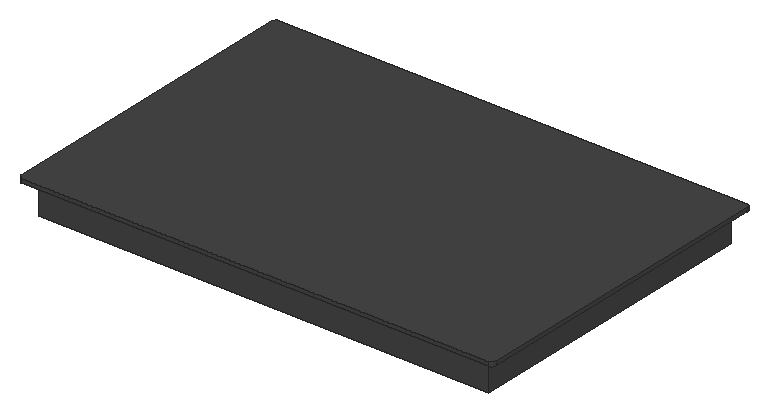
Revit family "Qf_Summit_SINC4B301B_30 inches 208-240V 4-Zone Induction Cooktop", category Specialty Equipment, Revit 2020
Family settings
  Round Connector Dimension = Use Diameter
  Part Type = Normal
  Work Plane-Based = No
  Always vertical = Yes
  Cut with Voids When Loaded = No
  Shared = No
  Room Calculation Point = No
Parameters
  Weight in Pounds = 30
  Watts = FL Amps * Volts  # 7200 W
  Volts = 240 V
  URL Cutsheet = ""
  Specification by User = ""
  Specification by Manufacturer = ""
  Show Clearance [instance] = yes
  Serial Number = ""
  Seismic Rating = ""
  SMACNA No = ""
  Revision Code = ""
  Phase = 1
  Number of Poles = 1
  NAFEM Spec ID Number = ""
  Model = "SINC4B301B"
  Min Ckt Ampacity = 0 A
  Max Overcurrent Protection = 0 A
  Masterspec = ""
  Manufacturer = "Summit"
  Length = 30 1/4"
  Item Number = ""
  Installed By = ""
  Identify Quantity as Lot = yes
  Height = 2"
  HP = ""
  Furnished By = ""
  Foodservice Equipment Identifier = yes
  FL Amps = 30 A
  Electrical Remarks = ""
  Electric Connection Type = ""
  Elec Conn RI Height = 0"
  Elec Conn Connection Height = 0"
  Description = "30\" Wide 208-240V 4-Zone Induction Cooktop"
  Depth = 20 1/2"
  Default Elevation = 0"
  Cycle = 60 Hz
  Conn Plug = ""
  Conn Conduit = yes
  CSI MasterFormat = ""
  Apparent Power = 828 VA
Reference planes (in)
  plane 1: z = 0
  plane 2 "LEFT": x = 0
  plane 3 "RIGHT": x = 30.25
  plane 4 "FRONT": y = -21.25
  plane 5 "TOP": z = 2
  plane 6 "Center Y": x = 15.125
  plane 7 "Center X": y = -11
  plane 8 "BACK": y = -0.75
  plane 9: z = 2.25
  plane 10: y = -1.3125
  plane 11: y = -20.5625
  plane 12: x = 29.625
  plane 13: x = 0.625
Forms (in)
  Extrusion 1, solid, material "QF_Metallic_Paint_Black_Glossy"
    sketch origin (0, 0, 0) x (1, 0, 0) y (0, 1, 0)
      loop
        line (0, -1) -> (0, -20.9375)
        arc (0, -20.9375) -> (0.06782, -21.13949) -> (0.25, -21.25) r 0.31002
        line (0.25, -21.25) -> (30, -21.25)
        arc (30, -21.25) -> (30.18218, -21.13949) -> (30.25, -20.9375) r 0.31002
        line (30.25, -20.9375) -> (30.25, -1)
        arc (30.25, -1) -> (30.17678, -0.82322) -> (30, -0.75) r 0.25
        line (30, -0.75) -> (0.25, -0.75)
        arc (0.25, -0.75) -> (0.07322, -0.82322) -> (0, -1) r 0.25
    from 2 to 2.25
  Extrusion 2, solid, material "QF_Metallic_Paint_Black_Glossy"
    sketch origin (0, 0, 0) x (1, 0, 0) y (0, 1, 0)
      loop
        line (0.8125, -20.5625) -> (29.4375, -20.5625) -> (29.4375, -1.3125) -> (0.8125, -1.3125) -> (0.8125, -20.5625)
    from 0 to 2
  Extrusion 3, solid, material "QF_Metallic_Paint_Black_Glossy"
    sketch origin (1.75, -19.5, 18.75) x (1, 0, 0) y (0, 0, 1)
      loop
        circle (13.375, -17.80912) r 0.25
    from -18.75 to -18.1875
Cuts and joins
  joined: Extrusion 2, Extrusion 3
Lines and regions (in)
  Split face 1
    outline origin (1.25, 0, 2.25) x (1, 0, 0) y (0, 1, 0)
      loop
        circle (6, -13.75) r 4.125
  Split face 2
    outline origin (10, 7.46819, 2.25) x (1, 0, 0) y (0, 1, 0)
      loop
        circle (13, -13.75) r 4.125
  Split face 3
    outline origin (10, -1.375, 2.25) x (1, 0, 0) y (0, 1, 0)
      loop
        circle (13, -13.375) r 3.125
  Split face 4
    outline origin (1.25, 8.125, 2.25) x (1, 0, 0) y (0, 1, 0)
      loop
        circle (6, -13.375) r 3.125
  Split face 5
    outline origin (-0.24681, -0.05918, 2.25) x (1, 0, 0) y (0, 1, 0)
      loop
        arc (1.46084, -1.96656) -> (1.33611, -1.99586) -> (1.21257, -2.02981) r 3.41796
        line (1.21257, -2.02981) -> (1.21257, -2.25177)
        arc (1.21257, -2.25177) -> (1.29303, -2.28553) -> (1.37512, -2.31512) r 1.69989
        arc (1.37512, -2.31512) -> (1.29445, -2.31552) -> (1.21378, -2.31581) r 56.83919
        arc (1.21378, -2.31581) -> (1.21298, -2.38844) -> (1.21297, -2.46107) r 6.69198
        arc (1.21297, -2.46107) -> (1.33682, -2.46166) -> (1.46067, -2.46155) r 22.00507
        arc (1.46067, -2.46155) -> (1.46144, -2.31385) -> (1.46184, -2.16615) r 57.82097
        arc (1.46184, -2.16615) -> (1.38954, -2.16643) -> (1.31724, -2.16748) r 6.80227
        line (1.31724, -2.16748) -> (1.4612, -2.10932)
        arc (1.4612, -2.10932) -> (1.46177, -2.03794) -> (1.46084, -1.96656) r 3.38174
  Split face 6
    outline origin (1.23704, 0.08205, 2.25) x (1, 0, 0) y (0, 1, 0)
      loop
        line (1.2612, -2.08344) -> (1.2612, -2.60308)
        arc (1.2612, -2.60308) -> (1.32479, -2.60343) -> (1.38839, -2.60265) r 3.58564
        arc (1.38839, -2.60265) -> (1.38862, -2.33138) -> (1.38902, -2.0601) r 439.84498
        arc (1.38902, -2.0601) -> (1.32546, -2.04384) -> (1.26173, -2.02822) r 6.58774
        arc (1.26173, -2.02822) -> (1.26137, -2.05583) -> (1.2612, -2.08344) r 4.03767
  Split face 7
    outline origin (1.77412, 0.08205, 2.25) x (1, 0, 0) y (0, 1, 0)
      loop
        arc (0.90317, -2.07334) -> (0.90314, -2.13988) -> (0.90316, -2.20643) r 115.79921
        line (0.90316, -2.20643) -> (1.02491, -2.23791) -> (1.02559, -2.603) -> (1.15226, -2.60321) -> (1.15226, -2.43703) -> (1.15226, -2.27084) -> (1.27836, -2.30322)
        arc (1.27836, -2.30322) -> (1.27831, -2.2371) -> (1.27838, -2.17098) r 35.9103
        arc (1.27838, -2.17098) -> (1.0906, -2.12283) -> (0.90317, -2.07334) r 27.07291
  Split face 8
    outline origin (1.25, 0, 2.25) x (1, 0, 0) y (0, 1, 0)
      loop
        circle (6, -5.25) r 3.07495
  Split face 9
    outline origin (10, -9.5, 2.25) x (1, 0, 0) y (0, 1, 0)
      loop
        circle (13, -5.25) r 2.88432
  Split face 10
    outline origin (-1.5, 0, 2.25) x (1, 0, 0) y (0, 1, 0)
      loop
        circle (24.5, -6.25) r 4.07036
  Split face 11
    outline origin (-10.25, -7.46819, 2.25) x (1, 0, 0) y (0, 1, 0)
      loop
        circle (17.5, -6.25) r 3.8775
  Split face 12
    outline origin (10, -9.5, 2.25) x (1, 0, 0) y (0, 1, 0)
      loop
        circle (13, -5.25) r 3.07495
  Split face 13
    outline origin (1.25, 0, 2.25) x (1, 0, 0) y (0, 1, 0)
      loop
        circle (6, -5.25) r 2.9375
  Split face 14
    outline origin (10, -9.5, 2.25) x (1, 0, 0) y (0, 1, 0)
      loop
        circle (13, -5.25) r 2.9375
  Split face 15
    outline origin (1.25, 0, 2.25) x (1, 0, 0) y (0, 1, 0)
      loop
        circle (6, -5.25) r 2.88432
  Split face 16
    outline origin (-10.25, -7.5, 2.25) x (1, 0, 0) y (0, 1, 0)
      loop
        circle (17.5, -6.25) r 4.07036
  Split face 17
    outline origin (-1.5, 0, 2.25) x (1, 0, 0) y (0, 1, 0)
      loop
        circle (24.5, -6.25) r 3.81335
  Split face 18
    outline origin (-10.25, -7.5, 2.25) x (1, 0, 0) y (0, 1, 0)
      loop
        circle (17.5, -6.25) r 3.81335
  Split face 19
    outline origin (-1.5, 0.03181, 2.25) x (1, 0, 0) y (0, 1, 0)
      loop
        circle (24.5, -6.25) r 3.8775
  Split face 20
    outline origin (5.12177, 0.99615, 2.25) x (1, 0, 0) y (0, 1, 0)
      loop
        circle (7.5, -19.75) r 0.375
  Split face 21
    outline origin (1.88001, 1.03137, 2.25) x (1, 0, 0) y (0, 1, 0)
      loop
        circle (14.5, -19.75) r 0.375
  Split face 22
    outline origin (3.75, 0, 2.25) x (1, 0, 0) y (0, 1, 0)
      loop
        circle (14.5, -19.75) r 0.375
  Split face 23
    outline origin (4.75, 0, 2.25) x (1, 0, 0) y (0, 1, 0)
      loop
        circle (14.5, -19.75) r 0.375
  Split face 24
    outline origin (5.65298, 0, 2.25) x (1, 0, 0) y (0, 1, 0)
      loop
        circle (13.59702, -19.75) r 0.21256
  Split face 25
    outline origin (4.65298, 0, 2.25) x (1, 0, 0) y (0, 1, 0)
      loop
        circle (13.59702, -19.75) r 0.34194
  Split face 26
    outline origin (17.93326, 1.24215, 2.25) x (0, 1, 0) y (-1, 0, 0)
      loop
        circle (-19.85939, 5.45621) r 0.14044
  Split face 27
    outline origin (12.16392, 0.72109, 2.25) x (0, 1, 0) y (-1, 0, 0)
      loop
        line (-20.35718, -1.46108) -> (-20.47109, -1.46108) -> (-20.47109, -4.46108) -> (-20.11953, -4.46108) -> (-20.35718, -1.46108)
  Split face 28
    outline origin (17.29383, 1.24215, 2.25) x (0, 1, 0) y (-1, 0, 0)
      loop
        circle (-19.85987, 4.81773) r 0.13153
  Split face 29
    outline origin (17.54915, 1.52122, 2.25) x (0, 1, 0) y (-1, 0, 0)
      loop
        circle (-20.27405, 4.92738) r 0.36076
  Split face 30
    outline origin (4.06852, 1.27737, 2.25) x (1, 0, 0) y (0, 1, 0)
      loop
        circle (12.45621, -19.85939) r 0.14044
  Split face 31
    outline origin (4.70795, 1.27737, 2.25) x (1, 0, 0) y (0, 1, 0)
      loop
        circle (11.81773, -19.85987) r 0.13153
  Split face 32
    outline origin (4.45263, 1.55644, 2.25) x (1, 0, 0) y (0, 1, 0)
      loop
        circle (11.92738, -20.27405) r 0.36076
  Split face 33
    outline origin (4.60819, 0.8548, 2.25) x (1, 0, 0) y (0, 1, 0)
      loop
        circle (13.64074, -20.60504) r 0.33037
  Split face 34
    outline origin (3.88715, 1.25448, 2.25) x (1, 0, 0) y (0, 1, 0)
      loop
        circle (14.36178, -21.00472) r 0.36442
  Split face 35
    outline origin (5.60819, 0.8548, 2.25) x (1, 0, 0) y (0, 1, 0)
      loop
        circle (13.64074, -20.60504) r 0.23196
  Split face 36
    outline origin (4.88715, 1.25448, 2.25) x (1, 0, 0) y (0, 1, 0)
      loop
        circle (14.36178, -21.00472) r 0.36024
  Split face 37
    outline origin (4.5, 0, 2.25) x (1, 0, 0) y (0, 1, 0)
      loop
        circle (7.5, -19.75) r 0.375
  Split face 38
    outline origin (5.40298, 0, 2.25) x (1, 0, 0) y (0, 1, 0)
      loop
        circle (6.59702, -19.75) r 0.34194
  Split face 39
    outline origin (5.35819, 0.8548, 2.25) x (1, 0, 0) y (0, 1, 0)
      loop
        circle (6.64074, -20.60504) r 0.33037
  Split face 40
    outline origin (4.63715, 1.25448, 2.25) x (1, 0, 0) y (0, 1, 0)
      loop
        circle (7.36178, -21.00472) r 0.36442
  Split face 41
    outline origin (3.5, 0, 2.25) x (1, 0, 0) y (0, 1, 0)
      loop
        circle (7.5, -19.75) r 0.375
  Split face 42
    outline origin (4.40298, 0, 2.25) x (1, 0, 0) y (0, 1, 0)
      loop
        circle (6.59702, -19.75) r 0.34194
  Split face 43
    outline origin (4.35819, 0.8548, 2.25) x (1, 0, 0) y (0, 1, 0)
      loop
        circle (6.64074, -20.60504) r 0.33037
  Split face 44
    outline origin (3.63715, 1.25448, 2.25) x (1, 0, 0) y (0, 1, 0)
      loop
        circle (7.36178, -21.00472) r 0.36442
  Split face 45
    outline origin (3.13001, 1.00012, 2.25) x (1, 0, 0) y (0, 1, 0)
      loop
        circle (14.5, -19.75) r 0.375
  Split face 46
    outline origin (5.30432, 0.95258, 2.25) x (1, 0, 0) y (0, 1, 0)
      loop
        circle (12.45621, -19.85939) r 0.14044
  Split face 47
    outline origin (5.94374, 0.95258, 2.25) x (1, 0, 0) y (0, 1, 0)
      loop
        circle (11.81773, -19.85987) r 0.13153
  Split face 48
    outline origin (5.70263, 1.52519, 2.25) x (1, 0, 0) y (0, 1, 0)
      loop
        circle (11.92738, -20.27405) r 0.36076
  Split face 49
    outline origin (-0.61999, 1.00012, 2.25) x (1, 0, 0) y (0, 1, 0)
      loop
        circle (14.5, -19.75) r 0.375
  Split face 50
    outline origin (1.27437, 0.95669, 2.25) x (1, 0, 0) y (0, 1, 0)
      loop
        circle (12.45621, -19.85939) r 0.14044
  Split face 51
    outline origin (1.91379, 0.95669, 2.25) x (1, 0, 0) y (0, 1, 0)
      loop
        circle (11.81773, -19.85987) r 0.13153
  Split face 52
    outline origin (1.95263, 1.52519, 2.25) x (1, 0, 0) y (0, 1, 0)
      loop
        circle (11.92738, -20.27405) r 0.36076
  Split face 53
    outline origin (0.09293, 0.14201, 2.25) x (1, 0, 0) y (0, 1, 0)
      loop
        arc (1.45035, -2.08743) -> (1.39004, -2.1026) -> (1.3299, -2.11842) r 5.81974
        arc (1.3299, -2.11842) -> (1.33022, -2.30502) -> (1.32981, -2.49161) r 48.29115
        arc (1.32981, -2.49161) -> (1.32823, -2.52252) -> (1.31089, -2.54816) r 0.05762
        arc (1.31089, -2.54816) -> (1.29306, -2.52079) -> (1.2934, -2.48813) r 0.05637
        arc (1.2934, -2.48813) -> (1.29083, -2.308) -> (1.29081, -2.12785) r 12.71544
        arc (1.29081, -2.12785) -> (1.23188, -2.14317) -> (1.17301, -2.15869) r 17.52104
        arc (1.17301, -2.15869) -> (1.17253, -2.41223) -> (1.17186, -2.66578) r 348.03451
        arc (1.17186, -2.66578) -> (1.30989, -2.66674) -> (1.44792, -2.66645) r 15.27091
        line (1.44792, -2.66645) -> (1.45035, -2.08743)
  Split face 54
    outline origin (0.44811, 0.23718, 2.25) x (1, 0, 0) y (0, 1, 0)
      loop
        line (1.14948, -2.17108) -> (1.14948, -2.76124) -> (1.25692, -2.76089)
        arc (1.25692, -2.76089) -> (1.25555, -2.68657) -> (1.26038, -2.61239) r 0.88988
        arc (1.26038, -2.61239) -> (1.29041, -2.68456) -> (1.30308, -2.76168) r 0.33829
        arc (1.30308, -2.76168) -> (1.34002, -2.7615) -> (1.37696, -2.76166) r 4.02643
        arc (1.37696, -2.76166) -> (1.39387, -2.66881) -> (1.41201, -2.57619) r 7.17478
        arc (1.41201, -2.57619) -> (1.4152, -2.55677) -> (1.42613, -2.5404) r 0.04662
        arc (1.42613, -2.5404) -> (1.43296, -2.56131) -> (1.43273, -2.5833) r 0.06776
        arc (1.43273, -2.5833) -> (1.43175, -2.67226) -> (1.43133, -2.76122) r 13.87596
        arc (1.43133, -2.76122) -> (1.48729, -2.76138) -> (1.54326, -2.76128) r 12.38941
        line (1.54326, -2.76128) -> (1.54282, -2.07044)
        arc (1.54282, -2.07044) -> (1.48195, -2.08655) -> (1.42074, -2.10133) r 2.87858
        arc (1.42074, -2.10133) -> (1.39325, -2.26302) -> (1.36415, -2.42442) r 16.38927
        arc (1.36415, -2.42442) -> (1.3606, -2.43973) -> (1.34965, -2.451) r 0.02931
        arc (1.34965, -2.451) -> (1.33301, -2.4222) -> (1.32658, -2.38957) r 0.10139
        arc (1.32658, -2.38957) -> (1.29574, -2.26571) -> (1.26551, -2.1417) r 25.67724
        arc (1.26551, -2.1417) -> (1.20754, -2.15659) -> (1.14948, -2.17108) r 9.01053
  Split face 55
    outline origin (0.87019, 0.42511, 2.25) x (1, 0, 0) y (0, 1, 0)
      loop
        line (1.17617, -2.25841) -> (1.17564, -2.9492)
        arc (1.17564, -2.9492) -> (1.23161, -2.9493) -> (1.28758, -2.94915) r 12.39444
        arc (1.28758, -2.94915) -> (1.28714, -2.86011) -> (1.28613, -2.77107) r 14.11448
        arc (1.28613, -2.77107) -> (1.28597, -2.74915) -> (1.29279, -2.72833) r 0.06789
        arc (1.29279, -2.72833) -> (1.30373, -2.74472) -> (1.30691, -2.76416) r 0.04659
        arc (1.30691, -2.76416) -> (1.32503, -2.85676) -> (1.34194, -2.94959) r 7.24307
        arc (1.34194, -2.94959) -> (1.3789, -2.94943) -> (1.41586, -2.94961) r 4.02906
        arc (1.41586, -2.94961) -> (1.42852, -2.87248) -> (1.45855, -2.80032) r 0.3379
        arc (1.45855, -2.80032) -> (1.46336, -2.8745) -> (1.462, -2.94882) r 0.89684
        line (1.462, -2.94882) -> (1.56939, -2.94917) -> (1.56939, -2.35901)
        arc (1.56939, -2.35901) -> (1.51137, -2.34451) -> (1.45345, -2.32963) r 9.14137
        arc (1.45345, -2.32963) -> (1.42315, -2.45362) -> (1.39227, -2.57746) r 26.57757
        arc (1.39227, -2.57746) -> (1.38587, -2.61013) -> (1.3692, -2.63894) r 0.10091
        arc (1.3692, -2.63894) -> (1.35827, -2.62763) -> (1.35478, -2.6123) r 0.02927
        arc (1.35478, -2.6123) -> (1.32564, -2.45094) -> (1.29816, -2.2893) r 16.0015
        arc (1.29816, -2.2893) -> (1.23701, -2.27445) -> (1.17617, -2.25841) r 3.23537
  symbolic lines
    curve 1: line (0, -1, 0) -> (0, -20.9375, 0)
    curve 2: arc (0, -20.9375, 0) -> (0.06782, -21.13949, 0) -> (0.25, -21.25, 0) r 0.31002
    curve 3: line (0.25, -21.25, 0) -> (30, -21.25, 0)
    curve 4: arc (30, -21.25, 0) -> (30.18218, -21.13949, 0) -> (30.25, -20.9375, 0) r 0.31002
    curve 5: line (30.25, -20.9375, 0) -> (30.25, -1, 0)
    curve 6: arc (30.25, -1, 0) -> (30.17678, -0.82322, 0) -> (30, -0.75, 0) r 0.25
    curve 7: line (30, -0.75, 0) -> (0.25, -0.75, 0)
    curve 8: arc (0.25, -0.75, 0) -> (0.07322, -0.82322, 0) -> (0, -1, 0) r 0.25
    curve 9: arc (1.21439, -2.1685, 0) -> (1.21496, -2.09712, 0) -> (1.21403, -2.02574, 0) r 3.38174
    curve 10: arc (1.21403, -2.02574, 0) -> (1.0893, -2.05504, 0) -> (0.96576, -2.08899, 0) r 3.41796
    curve 11: line (0.96576, -2.08899, 0) -> (0.96576, -2.31095, 0)
    curve 12: arc (0.96576, -2.31095, 0) -> (1.04622, -2.34471, 0) -> (1.1283, -2.3743, 0) r 1.69989
    curve 13: arc (1.1283, -2.3743, 0) -> (1.04764, -2.3747, 0) -> (0.96697, -2.37499, 0) r 56.83919
    curve 14: arc (0.96697, -2.37499, 0) -> (0.96617, -2.44762, 0) -> (0.96616, -2.52025, 0) r 6.69198
    curve 15: arc (0.96616, -2.52025, 0) -> (1.09001, -2.52084, 0) -> (1.21386, -2.52073, 0) r 22.00507
    curve 16: arc (1.21386, -2.52073, 0) -> (1.21463, -2.37303, 0) -> (1.21503, -2.22533, 0) r 57.82097
    curve 17: arc (1.21503, -2.22533, 0) -> (1.14273, -2.22561, 0) -> (1.07043, -2.22666, 0) r 6.80227
    curve 18: line (1.07043, -2.22666, 0) -> (1.21439, -2.1685, 0)
    curve 19: arc (1.26479, -2.52377, 0) -> (1.26546, -2.27022, 0) -> (1.26594, -2.01667, 0) r 348.03451
    curve 20: arc (1.26594, -2.01667, 0) -> (1.32481, -2.00116, 0) -> (1.38374, -1.98584, 0) r 17.52104
    curve 21: arc (1.38374, -1.98584, 0) -> (1.38376, -2.16599, 0) -> (1.38633, -2.34612, 0) r 12.71544
    curve 22: arc (1.38633, -2.34612, 0) -> (1.38599, -2.37878, 0) -> (1.40382, -2.40614, 0) r 0.05637
    curve 23: arc (1.40382, -2.40614, 0) -> (1.42117, -2.38051, 0) -> (1.42274, -2.3496, 0) r 0.05762
    curve 24: arc (1.42274, -2.3496, 0) -> (1.42315, -2.163, 0) -> (1.42283, -1.97641, 0) r 48.29115
    curve 25: arc (1.42283, -1.97641, 0) -> (1.48297, -1.96059, 0) -> (1.54328, -1.94542, 0) r 5.81974
    curve 26: line (1.54328, -1.94542, 0) -> (1.54085, -2.52444, 0)
    curve 27: arc (1.54085, -2.52444, 0) -> (1.40282, -2.52473, 0) -> (1.26479, -2.52377, 0) r 15.27091
    curve 28: line (1.59758, -1.9339, 0) -> (1.59758, -2.52406, 0)
    curve 29: line (1.59758, -2.52406, 0) -> (1.70502, -2.52371, 0)
    curve 30: arc (1.70502, -2.52371, 0) -> (1.70365, -2.44939, 0) -> (1.70849, -2.37521, 0) r 0.88988
    curve 31: arc (1.70849, -2.37521, 0) -> (1.73852, -2.44738, 0) -> (1.75118, -2.5245, 0) r 0.33829
    curve 32: arc (1.75118, -2.5245, 0) -> (1.78812, -2.52432, 0) -> (1.82507, -2.52448, 0) r 4.02643
    curve 33: arc (1.82507, -2.52448, 0) -> (1.84198, -2.43163, 0) -> (1.86011, -2.33901, 0) r 7.17478
    curve 34: arc (1.86011, -2.33901, 0) -> (1.86331, -2.31959, 0) -> (1.87423, -2.30322, 0) r 0.04662
    curve 35: arc (1.87423, -2.30322, 0) -> (1.88106, -2.32413, 0) -> (1.88084, -2.34612, 0) r 0.06776
    curve 36: arc (1.88084, -2.34612, 0) -> (1.87985, -2.43508, 0) -> (1.87944, -2.52404, 0) r 13.87596
    curve 37: arc (1.87944, -2.52404, 0) -> (1.9354, -2.5242, 0) -> (1.99136, -2.52409, 0) r 12.38941
    curve 38: line (1.99136, -2.52409, 0) -> (1.99092, -1.83326, 0)
    curve 39: arc (1.99092, -1.83326, 0) -> (1.93005, -1.84937, 0) -> (1.86884, -1.86415, 0) r 2.87858
    curve 40: arc (1.86884, -1.86415, 0) -> (1.84136, -2.02584, 0) -> (1.81226, -2.18724, 0) r 16.38927
    curve 41: arc (1.81226, -2.18724, 0) -> (1.80871, -2.20255, 0) -> (1.79776, -2.21382, 0) r 0.02931
    curve 42: arc (1.79776, -2.21382, 0) -> (1.78111, -2.18502, 0) -> (1.77469, -2.15239, 0) r 0.10139
    curve 43: arc (1.77469, -2.15239, 0) -> (1.74384, -2.02853, 0) -> (1.71361, -1.90452, 0) r 25.67724
    curve 44: arc (1.71361, -1.90452, 0) -> (1.65565, -1.9194, 0) -> (1.59758, -1.9339, 0) r 9.01053
    curve 45: line (2.04583, -2.52409, 0) -> (2.04636, -1.8333, 0)
    curve 46: arc (2.04636, -1.8333, 0) -> (2.10721, -1.84934, 0) -> (2.16835, -1.8642, 0) r 3.23537
    curve 47: arc (2.16835, -1.8642, 0) -> (2.19584, -2.02584, 0) -> (2.22497, -2.18719, 0) r 16.0015
    curve 48: arc (2.22497, -2.18719, 0) -> (2.22847, -2.20252, 0) -> (2.23939, -2.21383, 0) r 0.02927
    curve 49: arc (2.23939, -2.21383, 0) -> (2.25606, -2.18502, 0) -> (2.26246, -2.15235, 0) r 0.10091
    curve 50: arc (2.26246, -2.15235, 0) -> (2.29335, -2.02851, 0) -> (2.32364, -1.90452, 0) r 26.57757
    curve 51: arc (2.32364, -1.90452, 0) -> (2.38156, -1.9194, 0) -> (2.43958, -1.9339, 0) r 9.14137
    curve 52: line (2.43958, -1.9339, 0) -> (2.43958, -2.52406, 0)
    curve 53: line (2.43958, -2.52406, 0) -> (2.3322, -2.52371, 0)
    curve 54: arc (2.3322, -2.52371, 0) -> (2.33355, -2.44939, 0) -> (2.32875, -2.37521, 0) r 0.89684
    curve 55: arc (2.32875, -2.37521, 0) -> (2.29871, -2.44737, 0) -> (2.28606, -2.5245, 0) r 0.3379
    curve 56: arc (2.28606, -2.5245, 0) -> (2.2491, -2.52432, 0) -> (2.21213, -2.52448, 0) r 4.02906
    curve 57: arc (2.21213, -2.52448, 0) -> (2.19522, -2.43165, 0) -> (2.17711, -2.33905, 0) r 7.24307
    curve 58: arc (2.17711, -2.33905, 0) -> (2.17392, -2.31961, 0) -> (2.16298, -2.30322, 0) r 0.04659
    curve 59: arc (2.16298, -2.30322, 0) -> (2.15616, -2.32405, 0) -> (2.15633, -2.34596, 0) r 0.06789
    curve 60: arc (2.15633, -2.34596, 0) -> (2.15733, -2.435, 0) -> (2.15777, -2.52404, 0) r 14.11448
    curve 61: arc (2.15777, -2.52404, 0) -> (2.1018, -2.5242, 0) -> (2.04583, -2.52409, 0) r 12.39444
    curve 62: line (2.49824, -2.00139, 0) -> (2.49824, -2.52103, 0)
    curve 63: arc (2.49824, -2.52103, 0) -> (2.56183, -2.52138, 0) -> (2.62543, -2.5206, 0) r 3.58564
    curve 64: arc (2.62543, -2.5206, 0) -> (2.62566, -2.24932, 0) -> (2.62606, -1.97805, 0) r 439.84498
    curve 65: arc (2.62606, -1.97805, 0) -> (2.5625, -1.96179, 0) -> (2.49877, -1.94617, 0) r 6.58774
    curve 66: arc (2.49877, -1.94617, 0) -> (2.49841, -1.97378, 0) -> (2.49824, -2.00139, 0) r 4.03767
    curve 67: line (2.79903, -2.15586, 0) -> (2.7997, -2.52095, 0)
    curve 68: line (2.7997, -2.52095, 0) -> (2.92638, -2.52116, 0)
    curve 69: line (2.92638, -2.52116, 0) -> (2.92638, -2.35498, 0)
    curve 70: line (2.92638, -2.35498, 0) -> (2.92638, -2.18879, 0)
    curve 71: line (2.92638, -2.18879, 0) -> (3.05247, -2.22117, 0)
    curve 72: arc (3.05247, -2.22117, 0) -> (3.05242, -2.15505, 0) -> (3.0525, -2.08892, 0) r 35.9103
    curve 73: arc (3.0525, -2.08892, 0) -> (2.86472, -2.04078, 0) -> (2.67728, -1.99128, 0) r 27.07291
    curve 74: arc (2.67728, -1.99128, 0) -> (2.67726, -2.05783, 0) -> (2.67727, -2.12437, 0) r 115.79921
    curve 75: line (2.67727, -2.12437, 0) -> (2.79903, -2.15586, 0)
    curve 76: arc (10.13432, -5.25, 0) -> (7.25, -2.36568, 0) -> (4.36568, -5.25, 0) r 2.88432
    curve 77: arc (4.36568, -5.25, 0) -> (7.25, -8.13432, 0) -> (10.13432, -5.25, 0) r 2.88432
    curve 78: arc (10.1875, -5.25, 0) -> (7.25, -2.3125, 0) -> (4.3125, -5.25, 0) r 2.9375
    curve 79: arc (4.3125, -5.25, 0) -> (7.25, -8.1875, 0) -> (10.1875, -5.25, 0) r 2.9375
    curve 80: arc (10.32495, -5.25, 0) -> (7.25, -2.17505, 0) -> (4.17505, -5.25, 0) r 3.07495
    curve 81: arc (4.17505, -5.25, 0) -> (7.25, -8.32495, 0) -> (10.32495, -5.25, 0) r 3.07495
    curve 82: arc (10.375, -5.25, 0) -> (7.25, -2.125, 0) -> (4.125, -5.25, 0) r 3.125
    curve 83: arc (4.125, -5.25, 0) -> (7.25, -8.375, 0) -> (10.375, -5.25, 0) r 3.125
    curve 84: arc (18.875, -6.28181, 0) -> (23, -2.15681, 0) -> (27.125, -6.28181, 0) r 4.125
    curve 85: arc (27.125, -6.28181, 0) -> (23, -10.40681, 0) -> (18.875, -6.28181, 0) r 4.125
    curve 86: arc (27.07036, -6.25, 0) -> (23, -2.17964, 0) -> (18.92964, -6.25, 0) r 4.07036
    curve 87: arc (18.92964, -6.25, 0) -> (23, -10.32036, 0) -> (27.07036, -6.25, 0) r 4.07036
    curve 88: arc (19.18665, -6.25, 0) -> (23, -2.43665, 0) -> (26.81335, -6.25, 0) r 3.81335
    curve 89: arc (26.81335, -6.25, 0) -> (23, -10.06335, 0) -> (19.18665, -6.25, 0) r 3.81335
    curve 90: arc (19.1225, -6.21819, 0) -> (23, -2.34069, 0) -> (26.8775, -6.21819, 0) r 3.8775
    curve 91: arc (26.8775, -6.21819, 0) -> (23, -10.09569, 0) -> (19.1225, -6.21819, 0) r 3.8775
    curve 92: arc (25.88432, -14.75, 0) -> (23, -11.86568, 0) -> (20.11568, -14.75, 0) r 2.88432
    curve 93: arc (20.11568, -14.75, 0) -> (23, -17.63432, 0) -> (25.88432, -14.75, 0) r 2.88432
    curve 94: arc (25.9375, -14.75, 0) -> (23, -11.8125, 0) -> (20.0625, -14.75, 0) r 2.9375
    curve 95: arc (20.0625, -14.75, 0) -> (23, -17.6875, 0) -> (25.9375, -14.75, 0) r 2.9375
    curve 96: arc (26.07495, -14.75, 0) -> (23, -11.67505, 0) -> (19.92505, -14.75, 0) r 3.07495
    curve 97: arc (19.92505, -14.75, 0) -> (23, -17.82495, 0) -> (26.07495, -14.75, 0) r 3.07495
    curve 98: arc (26.125, -14.75, 0) -> (23, -11.625, 0) -> (19.875, -14.75, 0) r 3.125
    curve 99: arc (19.875, -14.75, 0) -> (23, -17.875, 0) -> (26.125, -14.75, 0) r 3.125
    curve 100: arc (3.3725, -13.71819, 0) -> (7.25, -9.84069, 0) -> (11.1275, -13.71819, 0) r 3.8775
    curve 101: arc (11.1275, -13.71819, 0) -> (7.25, -17.59569, 0) -> (3.3725, -13.71819, 0) r 3.8775
    curve 102: arc (11.06335, -13.75, 0) -> (7.25, -9.93665, 0) -> (3.43665, -13.75, 0) r 3.81335
    curve 103: arc (3.43665, -13.75, 0) -> (7.25, -17.56335, 0) -> (11.06335, -13.75, 0) r 3.81335
    curve 104: arc (11.32036, -13.75, 0) -> (7.25, -9.67964, 0) -> (3.17964, -13.75, 0) r 4.07036
    curve 105: arc (3.17964, -13.75, 0) -> (7.25, -17.82036, 0) -> (11.32036, -13.75, 0) r 4.07036
    curve 106: arc (11.375, -13.75, 0) -> (7.25, -9.625, 0) -> (3.125, -13.75, 0) r 4.125
    curve 107: arc (3.125, -13.75, 0) -> (7.25, -17.875, 0) -> (11.375, -13.75, 0) r 4.125
    curve 108: arc (11.625, -19.75, 0) -> (12, -19.375, 0) -> (12.375, -19.75, 0) r 0.375
    curve 109: arc (12.375, -19.75, 0) -> (12, -20.125, 0) -> (11.625, -19.75, 0) r 0.375
    curve 110: arc (12.3293, -19.75024, 0) -> (11.99893, -19.41987, 0) -> (11.66856, -19.75024, 0) r 0.33037
    curve 111: arc (11.66856, -19.75024, 0) -> (11.99893, -20.08061, 0) -> (12.3293, -19.75024, 0) r 0.33037
    curve 112: arc (10.625, -19.75, 0) -> (11, -19.375, 0) -> (11.375, -19.75, 0) r 0.375
    curve 113: arc (11.375, -19.75, 0) -> (11, -20.125, 0) -> (10.625, -19.75, 0) r 0.375
    curve 114: arc (11.3293, -19.75024, 0) -> (10.99893, -19.41987, 0) -> (10.66856, -19.75024, 0) r 0.33037
    curve 115: arc (10.66856, -19.75024, 0) -> (10.99893, -20.08061, 0) -> (11.3293, -19.75024, 0) r 0.33037
    curve 116: arc (12.99677, -18.75385, 0) -> (12.62177, -19.12885, 0) -> (12.24677, -18.75385, 0) r 0.375
    curve 117: arc (12.24677, -18.75385, 0) -> (12.62177, -18.37885, 0) -> (12.99677, -18.75385, 0) r 0.375
    curve 118: arc (12.47704, -18.4768, 0) -> (12.61749, -18.61725, 0) -> (12.47704, -18.75769, 0) r 0.14044
    curve 119: arc (12.47704, -18.75769, 0) -> (12.3366, -18.61725, 0) -> (12.47704, -18.4768, 0) r 0.14044
    curve 120: arc (14.25501, -18.74988, 0) -> (13.88001, -19.12488, 0) -> (13.50501, -18.74988, 0) r 0.375
    curve 121: arc (13.50501, -18.74988, 0) -> (13.88001, -18.37488, 0) -> (14.25501, -18.74988, 0) r 0.375
    curve 122: arc (13.59014, -18.9027, 0) -> (13.73058, -18.76225, 0) -> (13.87102, -18.9027, 0) r 0.14044
    curve 123: arc (13.87102, -18.9027, 0) -> (13.73058, -19.04314, 0) -> (13.59014, -18.9027, 0) r 0.14044
    curve 124: line (13.625, -19.63609, 0) -> (16.625, -19.39845, 0)
    curve 125: line (16.625, -19.39845, 0) -> (16.625, -19.75, 0)
    curve 126: line (16.625, -19.75, 0) -> (13.625, -19.75, 0)
    curve 127: line (13.625, -19.75, 0) -> (13.625, -19.63609, 0)
    curve 128: arc (16.75501, -18.71863, 0) -> (16.38001, -19.09363, 0) -> (16.00501, -18.71863, 0) r 0.375
    curve 129: arc (16.00501, -18.71863, 0) -> (16.38001, -18.34363, 0) -> (16.75501, -18.71863, 0) r 0.375
    curve 130: arc (16.66518, -18.58203, 0) -> (16.52474, -18.72247, 0) -> (16.38429, -18.58203, 0) r 0.14044
    curve 131: arc (16.38429, -18.58203, 0) -> (16.52474, -18.44158, 0) -> (16.66518, -18.58203, 0) r 0.14044
    curve 132: arc (18.00501, -18.74988, 0) -> (17.63001, -19.12488, 0) -> (17.25501, -18.74988, 0) r 0.375
    curve 133: arc (17.25501, -18.74988, 0) -> (17.63001, -18.37488, 0) -> (18.00501, -18.74988, 0) r 0.375
    curve 134: arc (17.62009, -18.90682, 0) -> (17.76053, -18.76637, 0) -> (17.90098, -18.90682, 0) r 0.14044
    curve 135: arc (17.90098, -18.90682, 0) -> (17.76053, -19.04726, 0) -> (17.62009, -18.90682, 0) r 0.14044
    curve 136: arc (17.875, -19.75, 0) -> (18.25, -19.375, 0) -> (18.625, -19.75, 0) r 0.375
    curve 137: arc (18.625, -19.75, 0) -> (18.25, -20.125, 0) -> (17.875, -19.75, 0) r 0.375
    curve 138: arc (18.5793, -19.75024, 0) -> (18.24893, -19.41987, 0) -> (17.91856, -19.75024, 0) r 0.33037
    curve 139: arc (17.91856, -19.75024, 0) -> (18.24893, -20.08061, 0) -> (18.5793, -19.75024, 0) r 0.33037
    curve 140: arc (18.875, -19.75, 0) -> (19.25, -19.375, 0) -> (19.625, -19.75, 0) r 0.375
    curve 141: arc (19.625, -19.75, 0) -> (19.25, -20.125, 0) -> (18.875, -19.75, 0) r 0.375
    curve 142: arc (19.46256, -19.75, 0) -> (19.25, -19.53744, 0) -> (19.03744, -19.75, 0) r 0.21256
    curve 143: arc (19.03744, -19.75, 0) -> (19.25, -19.96256, 0) -> (19.46256, -19.75, 0) r 0.21256
Dimensions and locks (in)
  equal spacing: plane 2 "LEFT", plane 6 "Center Y", plane 3 "RIGHT"
  "Length": plane 2 "LEFT" to plane 3 "RIGHT"
  equal spacing: plane 4 "FRONT", plane 7 "Center X", plane 8 "BACK"
  "Height": plane 5 "TOP" to level
  plane 5 "TOP" to level = 2"
  "Depth": plane 4 "FRONT" to plane 8 "BACK"
  plane 9 to plane 5 "TOP" = 1/4"
  plane 3 "RIGHT" to plane 2 "LEFT" = 30 1/4"
  plane 10 to plane 11 = 19 1/4"
  locked: plane 11 to plane 4 "FRONT" at 0.6875
  plane 12 to plane 13 = 29"
  aligned and locked: level to plane 1
  aligned and locked: plane 5 "TOP" to Extrusion 2
  aligned and locked: Extrusion 1 to plane 5 "TOP"
  aligned and locked: Extrusion 1 to plane 9
  aligned and locked: Extrusion 3 to plane 8 "BACK"
  aligned and locked: plane 10 to Extrusion 3
Automatic sketch dimensions
  Extrusion 1 sketch curve to plane 2 "LEFT" = 0"
  plane 4 "FRONT" to Extrusion 1 sketch curve = 0"
  plane 8 "BACK" to Extrusion 1 sketch curve = 0"
  Extrusion 1 sketch curve to plane 3 "RIGHT" = 0"
  plane 2 "LEFT" to Extrusion 1 sketch curve = 1/4"  (x2)
  Extrusion 1 sketch curve to plane 4 "FRONT" = 0.30417"  (x2)
  plane 2 "LEFT" to Extrusion 1 sketch curve = 0.3099"
  plane 3 "RIGHT" to Extrusion 1 sketch curve = 0.3099"
  plane 3 "RIGHT" to Extrusion 1 sketch curve = 1/4"  (x2)
  Extrusion 2 sketch curve to plane 11 = 0"
  plane 10 to Extrusion 2 sketch curve = 0"
  Split face 1 sketch curve to Extrusion 1 = 7 1/4"
  Split face 1 sketch curve to Extrusion 1 = 7 1/2"
  Split face 2 sketch curve to Extrusion 1 = 7 1/4"
  Split face 2 sketch curve to Extrusion 1 = 5.53181"
  Split face 3 sketch curve to Extrusion 1 = 7 1/4"
  Split face 3 sketch curve to Extrusion 1 = 6 1/2"
  Split face 4 sketch curve to Extrusion 1 = 7 1/4"
  Split face 4 sketch curve to Extrusion 1 = 4 1/2"
  Split face 5 sketch curve to Extrusion 1 = 1.39285"
  Extrusion 1 to Split face 5 sketch curve = 56.60588"
  Extrusion 1 to Split face 5 sketch curve = 2.16677"
  Split face 5 sketch curve to Extrusion 1 = 0.8033"
  Split face 5 sketch curve to Extrusion 1 = 0.96576"
  Split face 5 sketch curve to Split face 5 sketch curve = 0.10467"
  Split face 5 sketch curve to Extrusion 1 = 1.13258"
  Split face 5 sketch curve to Extrusion 1 = 1.20533"
  Split face 5 sketch curve to Split face 5 sketch curve = 0.14396"
  Split face 5 sketch curve to Extrusion 1 = 0.01083"
  Split face 5 sketch curve to Split face 5 sketch curve = 0.44906"
  Split face 5 sketch curve to Extrusion 1 = 1.93316"
  Split face 5 sketch curve to Extrusion 1 = 1.73479"
  Split face 5 sketch curve to Split face 5 sketch curve = 5.99459"
  Split face 5 sketch curve to Split face 5 sketch curve = 4.60636"
  Split face 5 sketch curve to Split face 5 sketch curve = 3.6604"
  Split face 5 sketch curve to Extrusion 1 = 1.56095"
  Split face 5 sketch curve to Split face 5 sketch curve = 0.08429"
  Split face 5 sketch curve to Split face 5 sketch curve = 0.05817"
  Split face 5 sketch curve to Extrusion 1 = 1.35575"
  Split face 5 sketch curve to Split face 5 sketch curve = 0.13767"
  Extrusion 1 to Split face 5 sketch curve = 20.23418"
  Split face 5 sketch curve to Split face 5 sketch curve = 34.97978"
  Split face 5 sketch curve to Split face 5 sketch curve = 0.0004"
  Split face 5 sketch curve to Split face 5 sketch curve = 0.00121"
  Split face 5 sketch curve to Split face 5 sketch curve = 0.05788"
  Split face 5 sketch curve to Split face 5 sketch curve = 0.08555"
  Split face 6 sketch curve to Extrusion 1 = 0.96199"
  Split face 6 sketch curve to Extrusion 1 = 1.77103"
  Split face 6 sketch curve to Extrusion 1 = 2.49824"
  Split face 6 sketch curve to Extrusion 1 = 2.54975"
  Split face 6 sketch curve to Extrusion 1 = 1.26285"
  Split face 6 sketch curve to Split face 6 sketch curve = 4.03765"
  Split face 6 sketch curve to Extrusion 1 = 2.01543"
  Extrusion 1 to Split face 6 sketch curve = 412.22034"
  Split face 6 sketch curve to Split face 6 sketch curve = 5.83113"
  Split face 6 sketch curve to Split face 6 sketch curve = 0.51964"
  Extrusion 1 to Split face 6 sketch curve = 1.81424"
  Split face 6 sketch curve to Split face 6 sketch curve = 0.00053"
  Split face 6 sketch curve to Split face 6 sketch curve = 0.12719"
  Split face 7 sketch curve to Extrusion 1 = 1.37437"
  Split face 7 sketch curve to Extrusion 1 = 2.67727"
  Split face 7 sketch curve to Split face 7 sketch curve = 0.12176"
  Split face 7 sketch curve to Split face 7 sketch curve = 0.00067"
  Split face 7 sketch curve to Split face 7 sketch curve = 0.12668"
  Split face 7 sketch curve to Extrusion 1 = 1.47117"
  Split face 7 sketch curve to Split face 7 sketch curve = 0.12609"
  Split face 7 sketch curve to Extrusion 1 = 9.68268"
  Split face 7 sketch curve to Extrusion 1 = 1.41114"
  Extrusion 1 to Split face 7 sketch curve = 8.71273"
  Split face 7 sketch curve to Extrusion 1 = 1.31695"
  Split face 7 sketch curve to Split face 7 sketch curve = 79.51374"
  Split face 7 sketch curve to Split face 7 sketch curve = 0.1338"
  Split face 7 sketch curve to Split face 7 sketch curve = 0.16598"
  Split face 7 sketch curve to Split face 7 sketch curve = 0.00021"
  Split face 7 sketch curve to Split face 7 sketch curve = 0.03238"
  Split face 7 sketch curve to Split face 7 sketch curve = 0.03148"
  Extrusion 1 to Split face 7 sketch curve = 24.90957"
  Split face 7 sketch curve to Split face 7 sketch curve = 0"
  Split face 8 sketch curve to Extrusion 1 = 7 1/4"
  Split face 8 sketch curve to Extrusion 1 = 4 1/2"
  Split face 9 sketch curve to Extrusion 1 = 7 1/4"
  Split face 9 sketch curve to Extrusion 1 = 6 1/2"
  Split face 10 sketch curve to Extrusion 1 = 7 1/4"
  Split face 10 sketch curve to Extrusion 1 = 5 1/2"
  Split face 11 sketch curve to Extrusion 1 = 7 1/4"
  Split face 11 sketch curve to Extrusion 1 = 7.53181"
  Split face 12 sketch curve to Extrusion 1 = 7 1/4"
  Split face 12 sketch curve to Extrusion 1 = 6 1/2"
  Split face 13 sketch curve to Extrusion 1 = 7 1/4"
  Split face 13 sketch curve to Extrusion 1 = 4 1/2"
  Split face 14 sketch curve to Extrusion 1 = 7 1/4"
  Split face 14 sketch curve to Extrusion 1 = 6 1/2"
  Split face 15 sketch curve to Extrusion 1 = 7 1/4"
  Split face 15 sketch curve to Extrusion 1 = 4 1/2"
  Split face 16 sketch curve to Extrusion 1 = 7 1/4"
  Split face 16 sketch curve to Extrusion 1 = 7 1/2"
  Split face 17 sketch curve to Extrusion 1 = 7 1/4"
  Split face 17 sketch curve to Extrusion 1 = 5 1/2"
  Split face 18 sketch curve to Extrusion 1 = 7 1/4"
  Split face 18 sketch curve to Extrusion 1 = 7 1/2"
  Split face 19 sketch curve to Extrusion 1 = 7 1/4"
  Split face 19 sketch curve to Extrusion 1 = 5.46819"
  Split face 20 sketch curve to Extrusion 1 = 2.49615"
  Split face 20 sketch curve to Extrusion 1 = 12.62177"
  Split face 21 sketch curve to Extrusion 1 = 2.53137"
  Split face 21 sketch curve to Extrusion 1 = 13.86999"
  Split face 22 sketch curve to Extrusion 1 = 1 1/2"
  Split face 22 sketch curve to Extrusion 1 = 12"
  Split face 23 sketch curve to Extrusion 1 = 1 1/2"
  Split face 23 sketch curve to Extrusion 1 = 11"
  Split face 24 sketch curve to Extrusion 1 = 1 1/2"
  Split face 24 sketch curve to Extrusion 1 = 11"
  Split face 25 sketch curve to Extrusion 1 = 1 1/2"
  Split face 25 sketch curve to Extrusion 1 = 12"
  Split face 26 sketch curve to Extrusion 1 = 2.63275"
  Split face 26 sketch curve to Extrusion 1 = 12.47704"
  Split face 27 sketch curve to Extrusion 1 = 1 1/2"
  Split face 27 sketch curve to Split face 27 sketch curve = 0.11391"
  Split face 27 sketch curve to Split face 27 sketch curve = 45/128"
  Split face 27 sketch curve to Extrusion 1 = 13 5/8"
  Split face 27 sketch curve to Split face 27 sketch curve = 3"
  Split face 28 sketch curve to Extrusion 1 = 2.63228"
  Split face 28 sketch curve to Extrusion 1 = 12.4761"
  Split face 29 sketch curve to Extrusion 1 = 2.49717"
  Split face 29 sketch curve to Extrusion 1 = 12.62177"
  Split face 30 sketch curve to Extrusion 1 = 2 171/256"
  Split face 30 sketch curve to Extrusion 1 = 13.72526"
  Split face 31 sketch curve to Extrusion 1 = 2.6675"
  Split face 31 sketch curve to Extrusion 1 = 13.72432"
  Split face 32 sketch curve to Extrusion 1 = 2.53239"
  Split face 32 sketch curve to Extrusion 1 = 13.86999"
  Split face 33 sketch curve to Extrusion 1 = 1.49976"
  Split face 33 sketch curve to Extrusion 1 = 12.00107"
  Split face 34 sketch curve to Extrusion 1 = 1.49976"
  Split face 34 sketch curve to Extrusion 1 = 12.00107"
  Split face 35 sketch curve to Extrusion 1 = 1.49976"
  Split face 35 sketch curve to Extrusion 1 = 11.00107"
  Split face 36 sketch curve to Extrusion 1 = 1.49976"
  Split face 36 sketch curve to Extrusion 1 = 11.00107"
  Split face 37 sketch curve to Extrusion 1 = 1 1/2"
  Split face 37 sketch curve to Extrusion 1 = 12"
  Split face 38 sketch curve to Extrusion 1 = 1 1/2"
  Split face 38 sketch curve to Extrusion 1 = 12"
  Split face 39 sketch curve to Extrusion 1 = 1.49976"
  Split face 39 sketch curve to Extrusion 1 = 11.99893"
  Split face 40 sketch curve to Extrusion 1 = 1.49976"
  Split face 40 sketch curve to Extrusion 1 = 11.99893"
  Split face 41 sketch curve to Extrusion 1 = 1 1/2"
  Split face 41 sketch curve to Extrusion 1 = 11"
  Split face 42 sketch curve to Extrusion 1 = 1 1/2"
  Split face 42 sketch curve to Extrusion 1 = 11"
  Split face 43 sketch curve to Extrusion 1 = 1.49976"
  Split face 43 sketch curve to Extrusion 1 = 10.99893"
  Split face 44 sketch curve to Extrusion 1 = 1.49976"
  Split face 44 sketch curve to Extrusion 1 = 10.99893"
  Extrusion 3 sketch curve to plane 6 "Center Y" = 0"
  level to Extrusion 3 sketch curve = 0.94088"
  Split face 45 sketch curve to Extrusion 1 = 2.50012"
  Split face 45 sketch curve to Extrusion 1 = 12.61999"
  Split face 46 sketch curve to Extrusion 1 = 2.34318"
  Split face 46 sketch curve to Extrusion 1 = 12.48947"
  Split face 47 sketch curve to Extrusion 1 = 2.34271"
  Split face 47 sketch curve to Extrusion 1 = 12.48853"
  Split face 48 sketch curve to Extrusion 1 = 2.50114"
  Split face 48 sketch curve to Extrusion 1 = 12.61999"
  Split face 49 sketch curve to Extrusion 1 = 2.50012"
  Split face 49 sketch curve to Extrusion 1 = 13.88001"
  Split face 50 sketch curve to Extrusion 1 = 2.3473"
  Split face 50 sketch curve to Extrusion 1 = 13.73058"
  Split face 51 sketch curve to Extrusion 1 = 2.34683"
  Split face 51 sketch curve to Extrusion 1 = 13.73152"
  Split face 52 sketch curve to Extrusion 1 = 2.50114"
  Split face 52 sketch curve to Extrusion 1 = 13.88001"
  Split face 53 sketch curve to Extrusion 1 = 0.73273"
  Extrusion 1 to Split face 53 sketch curve = 346.76817"
  Split face 53 sketch curve to Extrusion 1 = 1.40193"
  Extrusion 1 to Split face 53 sketch curve = 46.86801"
  Split face 53 sketch curve to Extrusion 1 = 1.36652"
  Split face 53 sketch curve to Extrusion 1 = 1.43976"
  Split face 53 sketch curve to Split face 53 sketch curve = 0.07359"
  Split face 53 sketch curve to Split face 53 sketch curve = 0.10074"
  Split face 53 sketch curve to Split face 53 sketch curve = 0.10317"
  Split face 53 sketch curve to Extrusion 1 = 2.93319"
  Split face 53 sketch curve to Extrusion 1 = 2.2987"
  Split face 53 sketch curve to Extrusion 1 = 5.76098"
  Split face 53 sketch curve to Extrusion 1 = 1.32454"
  Split face 53 sketch curve to Split face 53 sketch curve = 11.16567"
  Split face 53 sketch curve to Extrusion 1 = 6.84675"
  Split face 53 sketch curve to Extrusion 1 = 1.77444"
  Split face 53 sketch curve to Split face 53 sketch curve = 0.16143"
  Split face 53 sketch curve to Split face 53 sketch curve = 0.00079"
  Split face 53 sketch curve to Split face 53 sketch curve = 0.41759"
  Extrusion 1 to Split face 53 sketch curve = 13.49614"
  Split face 53 sketch curve to Split face 53 sketch curve = 0.10173"
  Split face 53 sketch curve to Split face 53 sketch curve = 71/256"
  Split face 53 sketch curve to Split face 53 sketch curve = 0.1178"
  Split face 53 sketch curve to Split face 53 sketch curve = 0.01981"
  Split face 53 sketch curve to Split face 53 sketch curve = 0.03629"
  Split face 53 sketch curve to Split face 53 sketch curve = 0.01736"
  Extrusion 1 to Split face 54 sketch curve = 1.55145"
  Extrusion 1 to Split face 54 sketch curve = 14.3022"
  Extrusion 1 to Split face 54 sketch curve = 0.55619"
  Split face 54 sketch curve to Extrusion 1 = 1.22389"
  Split face 54 sketch curve to Extrusion 1 = 1.41327"
  Split face 54 sketch curve to Split face 54 sketch curve = 0.18432"
  Split face 54 sketch curve to Split face 54 sketch curve = 0.10744"
  Split face 54 sketch curve to Split face 54 sketch curve = 0.18539"
  Split face 54 sketch curve to Extrusion 1 = 1.78949"
  Split face 54 sketch curve to Split face 54 sketch curve = 0.03112"
  Split face 54 sketch curve to Split face 54 sketch curve = 0.09305"
  Split face 54 sketch curve to Split face 54 sketch curve = 0.09258"
  Split face 54 sketch curve to Extrusion 1 = 1.94104"
  Split face 54 sketch curve to Extrusion 1 = 1.08326"
  Split face 54 sketch curve to Split face 54 sketch curve = 0.11489"
  Split face 54 sketch curve to Split face 54 sketch curve = 0.08469"
  Split face 54 sketch curve to Split face 54 sketch curve = 0.60193"
  Split face 54 sketch curve to Extrusion 1 = 3.01382"
  Split face 54 sketch curve to Split face 54 sketch curve = 6.29871"
  Split face 54 sketch curve to Extrusion 1 = 1.79434"
  Split face 54 sketch curve to Split face 54 sketch curve = 6.86339"
  Split face 54 sketch curve to Extrusion 1 = 3.57456"
  Split face 54 sketch curve to Split face 54 sketch curve = 4.7175"
  Split face 54 sketch curve to Split face 54 sketch curve = 0.70714"
  Split face 54 sketch curve to Split face 54 sketch curve = 0.0163"
  Split face 54 sketch curve to Split face 54 sketch curve = 0.01633"
  Split face 54 sketch curve to Split face 54 sketch curve = 0.00035"
  Split face 54 sketch curve to Split face 54 sketch curve = 0.05394"
  Split face 54 sketch curve to Split face 54 sketch curve = 0.18739"
  Split face 54 sketch curve to Split face 54 sketch curve = 0.00226"
  Split face 54 sketch curve to Split face 54 sketch curve = 0.14592"
  Split face 54 sketch curve to Split face 54 sketch curve = 0.03913"
  Split face 54 sketch curve to Split face 54 sketch curve = 0.25461"
  Extrusion 1 to Split face 54 sketch curve = 1.69125"
  Extrusion 1 to Split face 54 sketch curve = 4.86443"
  Split face 54 sketch curve to Split face 54 sketch curve = 5.87418"
  Split face 54 sketch curve to Split face 54 sketch curve = 3.04978"
  Split face 54 sketch curve to Split face 54 sketch curve = 0.1056"
  Split face 54 sketch curve to Split face 54 sketch curve = 0.11603"
  Split face 54 sketch curve to Split face 54 sketch curve = 0.04616"
  Split face 54 sketch curve to Split face 54 sketch curve = 0.00829"
  Split face 54 sketch curve to Split face 54 sketch curve = 0.01478"
  Split face 54 sketch curve to Split face 54 sketch curve = 0.02928"
  Split face 54 sketch curve to Split face 54 sketch curve = 0.07388"
  Split face 54 sketch curve to Split face 54 sketch curve = 0.04602"
  Split face 54 sketch curve to Split face 54 sketch curve = 0.01412"
  Split face 54 sketch curve to Split face 54 sketch curve = 0.05437"
  Extrusion 1 to Split face 55 sketch curve = 5.09104"
  Extrusion 1 to Split face 55 sketch curve = 23.50968"
  Split face 55 sketch curve to Extrusion 1 = 1.79988"
  Extrusion 1 to Split face 55 sketch curve = 11.95668"
  Split face 55 sketch curve to Extrusion 1 = 3.02615"
  Extrusion 1 to Split face 55 sketch curve = 4.92197"
  Split face 55 sketch curve to Extrusion 1 = 1.43696"
  Split face 55 sketch curve to Split face 55 sketch curve = 0.60887"
  Split face 55 sketch curve to Extrusion 1 = 1.0833"
  Split face 55 sketch curve to Split face 55 sketch curve = 0.00053"
  Split face 55 sketch curve to Extrusion 1 = 2.09616"
  Split face 55 sketch curve to Split face 55 sketch curve = 0.08474"
  Split face 55 sketch curve to Split face 55 sketch curve = 0.03101"
  Split face 55 sketch curve to Split face 55 sketch curve = 0.09267"
  Split face 55 sketch curve to Extrusion 1 = 2.24774"
  Split face 55 sketch curve to Split face 55 sketch curve = 0.09262"
  Split face 55 sketch curve to Extrusion 1 = 1.77371"
  Split face 55 sketch curve to Split face 55 sketch curve = 0.10895"
  Split face 55 sketch curve to Split face 55 sketch curve = 0.18538"
  Split face 55 sketch curve to Split face 55 sketch curve = 0.18401"
  Split face 55 sketch curve to Extrusion 1 = 2.90153"
  Split face 55 sketch curve to Split face 55 sketch curve = 2.53102"
  Extrusion 1 to Split face 55 sketch curve = 1.48687"
  Split face 55 sketch curve to Extrusion 1 = 12 75/256"
  Split face 55 sketch curve to Split face 55 sketch curve = 4.02967"
  Split face 55 sketch curve to Split face 55 sketch curve = 0.01656"
  Split face 55 sketch curve to Split face 55 sketch curve = 0.00038"
  Split face 55 sketch curve to Split face 55 sketch curve = 0.00035"
  Split face 55 sketch curve to Split face 55 sketch curve = 0.05387"
  Split face 55 sketch curve to Split face 55 sketch curve = 0.1874"
  Split face 55 sketch curve to Split face 55 sketch curve = 0.0022"
  Split face 55 sketch curve to Split face 55 sketch curve = 0.14591"
  Split face 55 sketch curve to Split face 55 sketch curve = 0.03902"
  Split face 55 sketch curve to Split face 55 sketch curve = 0.25469"
  Extrusion 1 to Split face 55 sketch curve = 2.037"
  Split face 55 sketch curve to Split face 55 sketch curve = 5.65485"
  Split face 55 sketch curve to Split face 55 sketch curve = 2.92839"
  Split face 55 sketch curve to Split face 55 sketch curve = 0.02575"
  Split face 55 sketch curve to Split face 55 sketch curve = 0.11194"
  Split face 55 sketch curve to Split face 55 sketch curve = 0.00666"
  Split face 55 sketch curve to Split face 55 sketch curve = 0.12199"
  Split face 55 sketch curve to Split face 55 sketch curve = 0.02078"
  Split face 55 sketch curve to Split face 55 sketch curve = 0.05436"
  Split face 55 sketch curve to Split face 55 sketch curve = 0.02924"
  Split face 55 sketch curve to Split face 55 sketch curve = 0.01482"
  Split face 55 sketch curve to Split face 55 sketch curve = 0.00825"
  Split face 55 sketch curve to Split face 55 sketch curve = 0.04614"
  plane 2 "LEFT" to Extrusion 2 sketch curve = 13/16"
  plane 3 "RIGHT" to Extrusion 2 sketch curve = 13/16"
  curve 1 to plane 2 "LEFT" = 0"
  plane 4 "FRONT" to curve 2 = 0"
  plane 8 "BACK" to curve 8 = 0"
  curve 5 to plane 3 "RIGHT" = 0"
  plane 2 "LEFT" to curve 3 = 1/4"
  curve 1 to curve 8 = 1/4"
  curve 2 to plane 4 "FRONT" = 0.30417"
  plane 2 "LEFT" to curve 2 = 0.3099"
  curve 4 to plane 4 "FRONT" = 0.30417"
  plane 3 "RIGHT" to curve 4 = 0.3099"
  plane 3 "RIGHT" to curve 6 = 1/4"
  plane 3 "RIGHT" to curve 3 = 1/4"
  plane 10 to curve 9 = 0.79325"
  curve 9 to plane 2 "LEFT" = 2.16677"
  plane 10 to curve 16 = 0.83035"
  curve 16 to curve 9 = 54.43911"
  plane 13 to curve 13 = 0.1783"
  plane 13 to curve 11 = 0.34076"
  curve 11 to curve 18 = 0.10467"
  plane 13 to curve 15 = 0.50758"
  plane 13 to curve 17 = 0.58033"
  curve 17 to curve 18 = 0.14396"
  plane 8 "BACK" to curve 12 = 0.01083"
  plane 13 to curve 12 = 1.03845"
  plane 13 to curve 10 = 1.30816"
  plane 10 to curve 14 = 1.17229"
  curve 12 to curve 14 = 5.99459"
  plane 7 "Center X" to curve 17 = 1.9724"
  curve 17 to curve 10 = 3.6604"
  plane 10 to curve 11 = 0.99845"
  curve 11 to curve 18 = 0.08429"
  curve 17 to curve 18 = 0.05817"
  curve 18 to curve 11 = 0.13767"
  curve 15 to plane 8 "BACK" = 20.23418"
  curve 15 to curve 13 = 34.97978"
  curve 11 to curve 14 = 0.0004"
  curve 11 to curve 13 = 0.00121"
  curve 18 to curve 13 = 0.05788"
  curve 13 to curve 16 = 0.08555"
  plane 10 to curve 19 = 0.17023"
  curve 19 to curve 16 = 290.16229"
  plane 10 to curve 24 = 0.83943"
  curve 16 to curve 24 = 9.73787"
  curve 17 to curve 23 = 0.15149"
  plane 13 to curve 27 = 0.81476"
  curve 23 to curve 22 = 0.07359"
  curve 22 to curve 26 = 0.10074"
  curve 9 to curve 26 = 0.32925"
  curve 17 to curve 25 = 1.72786"
  plane 11 to curve 20 = 1.6112"
  plane 13 to curve 20 = 5.13598"
  curve 21 to plane 6 "Center Y" = 1.02613"
  curve 17 to curve 25 = 1.43085"
  curve 26 to curve 15 = 0.00371"
  curve 27 to curve 22 = 0.16143"
  curve 22 to curve 23 = 0.00079"
  plane 10 to curve 21 = 0.76204"
  curve 9 to curve 26 = 0.08032"
  curve 27 to curve 15 = 6.73804"
  curve 15 to curve 27 = 0.05093"
  curve 9 to curve 19 = 0.05191"
  curve 19 to curve 21 = 0.1178"
  curve 23 to curve 21 = 0.01981"
  curve 22 to curve 22 = 0.03629"
  curve 24 to curve 22 = 0.01736"
  curve 40 to plane 8 "BACK" = 1.55145"
  curve 40 to curve 9 = 12.13544"
  curve 44 to plane 2 "LEFT" = 0.55619"
  plane 13 to curve 39 = 0.59889"
  curve 31 to curve 27 = 0.12758"
  curve 26 to curve 28 = 0.05674"
  curve 28 to curve 29 = 0.10744"
  curve 44 to curve 41 = 0.18539"
  plane 13 to curve 32 = 1.16449"
  curve 41 to curve 35 = 0.03112"
  curve 41 to curve 42 = 0.09305"
  curve 35 to curve 34 = 0.09258"
  plane 13 to curve 37 = 1.31604"
  plane 10 to curve 38 = 0.52076"
  curve 42 to curve 38 = 0.11489"
  curve 34 to curve 38 = 0.08469"
  curve 37 to curve 30 = 0.60193"
  curve 14 to curve 33 = 1.23396"
  plane 6 "Center Y" to curve 36 = 0.63039"
  plane 12 to curve 43 = 2.94956"
  curve 32 to curve 10 = 1.18356"
  curve 33 to curve 14 = 1.27903"
  plane 10 to curve 36 = 1.23184"
  curve 31 to curve 27 = 0.01595"
  curve 26 to curve 38 = 0.00034"
  curve 26 to curve 29 = 0.00038"
  curve 28 to curve 29 = 0.00035"
  curve 37 to curve 30 = 0.05394"
  curve 38 to curve 34 = 0.18739"
  curve 34 to curve 35 = 0.00226"
  curve 35 to curve 41 = 0.14592"
  curve 41 to curve 42 = 0.03913"
  curve 26 to curve 28 = 0.01152"
  curve 39 to plane 8 "BACK" = 1.69125"
  curve 43 to plane 8 "BACK" = 4.86443"
  curve 39 to curve 44 = 5.87418"
  curve 37 to curve 27 = 2.88093"
  curve 31 to curve 35 = 0.1056"
  curve 44 to curve 43 = 0.11603"
  curve 30 to curve 32 = 0.04616"
  curve 42 to curve 41 = 0.00829"
  curve 41 to curve 42 = 0.01478"
  curve 41 to curve 40 = 0.02928"
  curve 31 to curve 33 = 0.07388"
  curve 35 to curve 34 = 0.04602"
  curve 33 to curve 34 = 0.01412"
  curve 32 to curve 37 = 0.05437"
  curve 50 to curve 40 = 9.20747"
  plane 10 to curve 60 = 1.23738"
  curve 40 to curve 60 = 2.34552"
  curve 57 to curve 9 = 2.7552"
  curve 22 to curve 54 = 0.03314"
  curve 37 to curve 45 = 0.05447"
  plane 10 to curve 45 = 0.5208"
  curve 39 to curve 45 = 0.05544"
  curve 37 to curve 61 = 0.15512"
  curve 45 to curve 58 = 0.08474"
  curve 58 to curve 49 = 0.03101"
  curve 58 to curve 59 = 0.09267"
  curve 32 to curve 56 = 0.45825"
  curve 49 to curve 48 = 0.09262"
  plane 10 to curve 53 = 1.21121"
  curve 59 to curve 53 = 0.10895"
  curve 53 to curve 53 = 0.10738"
  curve 30 to curve 55 = 0.0303"
  curve 39 to curve 46 = 1.67764"
  curve 61 to curve 51 = 2.53102"
  plane 6 "Center Y" to curve 47 = 2 213/256"
  curve 56 to curve 32 = 0.00263"
  plane 10 to curve 57 = 2.46365"
  curve 55 to curve 30 = 0.07012"
  curve 37 to curve 45 = 0"
  curve 52 to curve 53 = 0.00035"
  curve 54 to curve 22 = 0.06408"
  curve 45 to curve 58 = 0.1874"
  curve 58 to curve 59 = 0.0022"
  curve 59 to curve 48 = 0.14591"
  curve 48 to curve 49 = 0.03902"
  curve 48 to curve 52 = 0.25469"
  curve 47 to plane 8 "BACK" = 1.48687"
  curve 39 to curve 46 = 0.34575"
  curve 50 to plane 8 "BACK" = 5.09104"
  curve 51 to curve 37 = 2.92336"
  curve 37 to curve 61 = 0.00503"
  curve 58 to curve 60 = 0.02575"
  curve 45 to curve 61 = 0.11194"
  curve 60 to curve 58 = 0.00666"
  curve 45 to curve 46 = 0.12199"
  curve 59 to curve 58 = 0.02078"
  curve 61 to curve 57 = 0.05436"
  curve 48 to curve 48 = 0.02924"
  curve 49 to curve 48 = 0.01482"
  curve 48 to curve 49 = 0.00825"
  curve 55 to curve 53 = 0.04614"
  plane 13 to curve 65 = 0.33699"
  curve 52 to curve 62 = 0.05865"
  curve 63 to curve 46 = 0.35178"
  curve 66 to curve 14 = 1.12216"
  plane 10 to curve 64 = 1.45293"
  curve 64 to plane 3 "RIGHT" = 412.22034"
  curve 17 to curve 65 = 0.67544"
  curve 52 to curve 62 = 0.00304"
  plane 10 to curve 66 = 0.70035"
  curve 62 to curve 52 = 0.06749"
  curve 63 to curve 46 = 0.22276"
  curve 62 to curve 65 = 0.00053"
  curve 55 to curve 63 = 0.00184"
  plane 10 to curve 75 = 0.81187"
  curve 65 to curve 75 = 0.05121"
  plane 10 to curve 75 = 0.84336"
  curve 75 to curve 75 = 0.12176"
  curve 63 to curve 67 = 0.17428"
  curve 67 to curve 70 = 0.12668"
  plane 10 to curve 71 = 0.90867"
  curve 70 to curve 71 = 0.12609"
  curve 73 to plane 6 "Center Y" = 5.44232"
  plane 10 to curve 72 = 0.84864"
  curve 72 to plane 3 "RIGHT" = 8.71273"
  plane 10 to curve 74 = 0.75445"
  curve 72 to curve 74 = 79.51374"
  curve 69 to curve 63 = 0.00056"
  curve 68 to curve 68 = 0.00021"
  curve 68 to curve 70 = 0.16618"
  curve 71 to curve 71 = 0.03238"
  curve 15 to curve 73 = 4.67539"
  curve 65 to curve 74 = 0.05122"
  curve 77 to curve 33 = 1.642"
  curve 77 to curve 33 = 1.48618"
  curve 10 to curve 77 = 2.43252"
  curve 76 to curve 78 = 0"  (x2)
  curve 78 to curve 76 = 0.05317"
  curve 76 to curve 80 = 0"  (x2)
  curve 81 to curve 78 = 0.13745"
  curve 76 to curve 82 = 0"  (x2)
  curve 83 to curve 80 = 0.05005"
  plane 12 to curve 85 = 6 5/8"
  plane 7 "Center X" to curve 85 = 4.71819"
  plane 6 "Center Y" to curve 84 = 3 3/4"
  curve 86 to curve 85 = 0"
  curve 85 to curve 87 = 0.03181"
  curve 85 to curve 86 = 0.05464"
  curve 86 to curve 88 = 0"  (x2)
  curve 86 to curve 89 = 0.25701"
  curve 91 to curve 86 = 0"
  curve 86 to curve 90 = 0.03181"
  curve 90 to curve 89 = 0.06415"
  plane 12 to curve 93 = 6 5/8"
